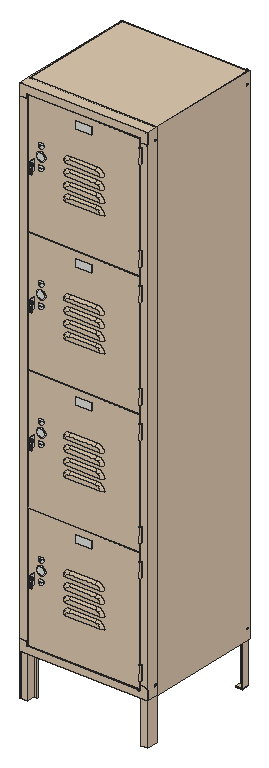
Revit family "Metal_Lockers-Salsbury_Industries-18_54000_Series-1_Wide_Units", category Specialty Equipment, Revit 2016 (continued)
Definition of nested family "Metal Locker End Panel"
  Dimensions and locks (in)
    aligned and locked: level to plane 2
    aligned and locked: plane 5 "Top of Panel" to Extrusion 1 sketch curve
    aligned and locked: plane 5 "Top of Panel" to Extrusion 2 sketch curve
    aligned and locked: Extrusion 2 to plane 9 "Back of Panel"
    aligned and locked: plane 11 to Extrusion 3 sketch curve
    aligned and locked: plane 6 "Front of Panel" to Extrusion 3
    aligned and locked: plane 14 "Outside Edge of Back Flap" to Extrusion 2
    aligned and locked: Extrusion 1 to plane 14 "Outside Edge of Back Flap"
    aligned and locked: plane 13 "Outside Edge of Front Flap" to Extrusion 3
    aligned and locked: Extrusion 2 to plane 7 "Right Side of Enclosure"
    aligned and locked: Extrusion 3 to plane 7 "Right Side of Enclosure"
  Automatic sketch dimensions
    Extrusion 1 sketch curve to level = 0.000"
    Extrusion 2 sketch curve to level = 0.000"
    plane 8 "Left Side of Enclosure" to Extrusion 2 sketch curve = 0.000"
    plane 7 "Right Side of Enclosure" to Extrusion 2 sketch curve = 0.000"
    plane 8 "Left Side of Enclosure" to Extrusion 3 sketch curve = 0.000"
    Extrusion 3 sketch curve to plane 12 = 0.000"
    plane 7 "Right Side of Enclosure" to Extrusion 3 sketch curve = 0.000"
    Extrusion 1 sketch curve to plane 14 "Outside Edge of Back Flap" = 0.000"
    plane 6 "Front of Panel" to Extrusion 1 sketch curve = 0.06014"
Definition of nested family "Metal Locker Front Filler"
  Parameters (values of type "77869 - for 6' H Lockers (Zee Base or No Legs)")
    Width = 9.000"
    Visible = yes
    Version = "1.0 (11/30/15)"
    Type Comments = "Vertical Front Filler for Standard Metal Lockers"
    Primary Structure Material = none
    Model = "77865"
    MasterFormat Title = ""
    MasterFormat Number = ""
    Manufacturer = "Salsbury Industries"
    Height = 72.000"
    Description = "9\" W Vertical Front Filler for 6' H Lockers"
    Depth = 1.500"
    Assembly Code = ""
  Types (9): name | Width | Visible | Model | Height | Description | Depth
    77865 - for 6' H Lockers with Legs | 15.000" | yes | "77865" | 78.000" | "15\" W Vertical Front Filler for 6' H Lockers" | 1.000"
    77869 - for 6' H Lockers with Legs | 9.000" | yes | "77865" | 78.000" | "9\" W Vertical Front Filler for 6' H Lockers" | 1.000"
    77855 - for 5' H Lockers with Legs | 15.000" | yes | "77855" | 66.000" | "15\" W Vertical Front Filler for 5' H Lockers" | 1.000"
    77859 - for 5' H Lockers with Legs | 9.000" | yes | "77859" | 66.000" | "9\" W Vertical Front Filler for 5' H Lockers" | 1.000"
    None | 15.000" | no | "n/a" | 78.000" | "" | 1.500"
    77865 - for 6' H Lockers (Zee Base or No Legs) | 15.000" | yes | "77865" | 72.000" | "15\" W Vertical Front Filler for 6' H Lockers" | 1.000"
    77869 - for 6' H Lockers (Zee Base or No Legs) | 9.000" | yes | "77865" | 72.000" | "9\" W Vertical Front Filler for 6' H Lockers" | 1.500"
    77859 - for 5' H Lockers (Zee Base or No Legs) | 9.000" | yes | "77859" | 60.000" | "9\" W Vertical Front Filler for 5' H Lockers" | 1.000"
    77855 - for 5' H Lockers (Zee Base or No Legs) | 15.000" | yes | "77855" | 60.000" | "15\" W Vertical Front Filler for 5' H Lockers" | 1.000"
  Reference planes (in)
    plane 1 "Center (Front/Back)": y = -2.167
    plane 2: z = 0
    plane 3 "Center (Left/Right)": x = -4.595
    plane 4 "Bottom of Filler": z = 0
    plane 5 "Top of Panel": z = 72
    plane 6 "Front of Filler": y = -2.917
    plane 7 "Right Side of Filler": x = -0.095
    plane 8 "Left Side of Filler": x = -9.095
    plane 9 "Back of Filler": y = -1.417
    plane 10: z = 36
  Forms (in)
    Extrusion 1, solid, material <- "Primary Structure Material", visible <- "Visible"
      sketch origin (0, 0, 0) x (0, -1, 0) y (1, 0, 0)
        loop
          line (1.417, -9.095) -> (2.917, -9.095) -> (2.917, -1.095) -> (2.869, -1.095) -> (2.869, -9.047) -> (1.417, -9.047) -> (1.417, -9.095)
      from 0 to 72
    Extrusion 2, solid, material <- "Primary Structure Material", visible <- "Visible"
      sketch origin (0, -0.20425, 0) x (0, -1, 0) y (1, 0, 0)
        loop
          line (1.30875, -0.095) -> (1.30875, -0.143) -> (2.76075, -0.143) -> (2.76075, -1.595) -> (2.80875, -1.595) -> (2.80875, -0.095) -> (1.30875, -0.095)
      from 0 to 72
    Extrusion 3, solid, material <- "Primary Structure Material", visible <- "Visible"
      sketch origin (0, 0.10825, 0) x (0, -1, 0) y (1, 0, 0)
        loop
          line (3.07325, -1.595) -> (3.07325, -0.82524) -> (3.02525, -0.82524) -> (3.02525, -1.376) -> (3.02525, -1.449) -> (3.02525, -1.522) -> (3.02525, -1.595) -> (3.07325, -1.595)
      from 0 to 72
    Extrusion 4, solid, material <- "Primary Structure Material", visible <- "Visible"
      sketch origin (0, 0, 0) x (0, -1, 0) y (1, 0, 0)
        loop
          line (2.917, -0.82524) -> (2.821, -0.82524) -> (2.821, -1.80024) -> (2.869, -1.80024) -> (2.869, -0.87324) -> (2.917, -0.87324) -> (2.917, -0.82524)
      from 0 to 72
  Dimensions and locks (in)
    equal spacing: plane 6 "Front of Filler", plane 1 "Center (Front/Back)", plane 9 "Back of Filler"
    "Depth": plane 6 "Front of Filler" to plane 9 "Back of Filler"
    equal spacing: plane 8 "Left Side of Filler", plane 3 "Center (Left/Right)", plane 7 "Right Side of Filler"
    "Width": plane 8 "Left Side of Filler" to plane 7 "Right Side of Filler"
    equal spacing: plane 5 "Top of Panel", plane 10, plane 2
    "Height": plane 5 "Top of Panel" to plane 2
    aligned and locked: level to plane 2
    aligned and locked: Extrusion 1 to plane 5 "Top of Panel"
    aligned and locked: Extrusion 2 to plane 5 "Top of Panel"
    aligned and locked: Extrusion 3 to plane 5 "Top of Panel"
    aligned and locked: Extrusion 4 to plane 5 "Top of Panel"
  Automatic sketch dimensions
    plane 9 "Back of Filler" to Extrusion 1 sketch curve = 0.000"
    plane 6 "Front of Filler" to Extrusion 1 sketch curve = 0.000"
    Extrusion 1 sketch curve to plane 8 "Left Side of Filler" = 0.000"
    Extrusion 1 sketch curve to plane 6 "Front of Filler" = 0.048"
    Extrusion 1 sketch curve to Extrusion 1 sketch curve = 0.048"
    plane 7 "Right Side of Filler" to Extrusion 1 sketch curve = 1.000"
    Extrusion 2 sketch curve to plane 7 "Right Side of Filler" = 0.000"
    plane 7 "Right Side of Filler" to Extrusion 2 sketch curve = 0.048"
    plane 9 "Back of Filler" to Extrusion 2 sketch curve = 0.096"
    plane 6 "Front of Filler" to Extrusion 2 sketch curve = 0.048"
    Extrusion 2 sketch curve to Extrusion 2 sketch curve = 0.048"
    Extrusion 2 sketch curve to Extrusion 2 sketch curve = 1.452"
    plane 6 "Front of Filler" to Extrusion 3 sketch curve = 0.000"
    plane 7 "Right Side of Filler" to Extrusion 3 sketch curve = 1.500"
    Extrusion 3 sketch curve to Extrusion 3 sketch curve = 0.073"  (x3)
    Extrusion 3 sketch curve to Extrusion 3 sketch curve = 0.55076"
    Extrusion 3 sketch curve to Extrusion 3 sketch curve = 0.048"
    plane 6 "Front of Filler" to Extrusion 4 sketch curve = 0.000"
    Extrusion 4 sketch curve to plane 6 "Front of Filler" = 0.048"
    Extrusion 4 sketch curve to Extrusion 4 sketch curve = 0.048"  (x2)
    plane 7 "Right Side of Filler" to Extrusion 4 sketch curve = 1.70524"
    plane 7 "Right Side of Filler" to Extrusion 4 sketch curve = 0.77824"
Definition of nested family "Metal Locker Flat Top Filler"
  Parameters (values of type "77841 - for 21" Deep Lockers (9" W)")
    Width = 10.250"
    Visible = yes
    Version = "1.0 (11/30/15)"
    Type Comments = "Flat Top Filler for Standard Metal Lockers"
    Primary Structure Material = none
    Model = "77841"
    MasterFormat Title = ""
    MasterFormat Number = ""
    Manufacturer = "Salsbury Industries"
    Height = 1.003"
    Description = "9\"W Flat Top In-Line Filler"
    Depth = 21.118"
    Assembly Code = ""
  Types (9): name | Width | Visible | Model | Description | Depth
    77842 - for 12" Deep Lockers (15" W) | 16.250" | yes | "77842" | "15\"W Flat Top In-Line Filler" | 12.118"
    77842 - for 12" Deep Lockers (9" W) | 10.250" | yes | "77842" | "15\"W Flat Top In-Line Filler" | 12.118"
    77845 - for 15" Deep Lockers (15" W) | 16.250" | yes | "77845" | "15\"W Flat Top In-Line Filler" | 15.118"
    77845 - for 15" Deep Lockers (9" W) | 10.250" | yes | "77845" | "15\"W Flat Top In-Line Filler" | 15.118"
    77848 - for 18" Deep Lockers (15" W) | 16.250" | yes | "77848" | "15\"W Flat Top In-Line Filler" | 18.118"
    77848 - for 18" Deep Lockers (9" W) | 10.250" | yes | "77848" | "15\"W Flat Top In-Line Filler" | 18.118"
    None | 16.250" | no | "" | "15\"W Flat Top In-Line Filler" | 12.118"
    77841 - for 21" Deep Lockers (15" W) | 16.250" | yes | "77841" | "15\"W Flat Top In-Line Filler" | 21.118"
    77841 - for 21" Deep Lockers (9" W) | 10.250" | yes | "77841" | "9\"W Flat Top In-Line Filler" | 21.118"
  Reference planes (in)
    plane 1 "Center (Front/Back)": y = -2.167
    plane 2: z = 0
    plane 3 "Center (Left/Right)": x = -4.595
    plane 4 "Bottom of Panel": z = 0
    plane 5 "Top of Panel": z = 1.003
    plane 6 "Front of Panel": y = -12.726
    plane 7 "Right Side of Enclosure": x = 0.53
    plane 8 "Left Side of Enclosure": x = -9.72
    plane 9 "Back of Panel": y = 8.392
    plane 10: z = 0.5015
  Forms (in)
    Extrusion 1, solid, material <- "Primary Structure Material", visible <- "Visible"
      sketch origin (-4.595, 0, 0) x (0, 1, 0) y (0, 0, 1)
        loop
          line (-12.726, 0) -> (-12.678, 0) -> (-12.678, 0.955) -> (8.392, 0.955) -> (8.392, 1.003) -> (-12.726, 1.003) -> (-12.726, 0)
      from -5.125 to 5.125
  Dimensions and locks (in)
    equal spacing: plane 6 "Front of Panel", plane 1 "Center (Front/Back)", plane 9 "Back of Panel"
    "Depth": plane 6 "Front of Panel" to plane 9 "Back of Panel"
    equal spacing: plane 8 "Left Side of Enclosure", plane 3 "Center (Left/Right)", plane 7 "Right Side of Enclosure"
    "Width": plane 8 "Left Side of Enclosure" to plane 7 "Right Side of Enclosure"
    equal spacing: plane 5 "Top of Panel", plane 10, plane 2
    "Height": plane 5 "Top of Panel" to plane 2
    aligned and locked: level to plane 2
    aligned and locked: Extrusion 1 to plane 7 "Right Side of Enclosure"
    aligned and locked: plane 8 "Left Side of Enclosure" to Extrusion 1
    aligned and locked: plane 6 "Front of Panel" to Extrusion 1
    aligned and locked: Extrusion 1 to plane 9 "Back of Panel"
  Automatic sketch dimensions
    plane 5 "Top of Panel" to Extrusion 1 sketch curve = 0.000"
    Extrusion 1 sketch curve to plane 6 "Front of Panel" = 0.000"
    Extrusion 1 sketch curve to level = 0.000"
    Extrusion 1 sketch curve to plane 9 "Back of Panel" = 0.000"
    Extrusion 1 sketch curve to plane 6 "Front of Panel" = 0.048"
    plane 5 "Top of Panel" to Extrusion 1 sketch curve = 0.048"
Definition of nested family "Metal Locker Flat Corner Filler"
  Parameters (values of type "77831 - for 21" Deep Lockers")
    Width = 21.625"
    Visible = yes
    Version = "1.0 (11/30/15)"
    Type Comments = "Flat Top Corner Filler for Standard Metal Lockers"
    Primary Structure Material = none
    Model = "77831"
    MasterFormat Title = ""
    MasterFormat Number = ""
    Manufacturer = "Salsbury Industries"
    Height = 0.048"
    Description = "21\"W Flat Top Corner Filler"
    Depth = 21.625"
    Assembly Code = ""
  Types (5): name | Width | Visible | Model | Description | Depth
    77832 - for 12" Deep Lockers | 12.625" | yes | "77832" | "12\"W Flat Top Corner Filler" | 12.625"
    77835 - for 15" Deep Lockers | 15.625" | yes | "77835" | "15\"W Flat Top Corner Filler" | 15.625"
    77838 - for 18" Deep Lockers | 18.625" | yes | "77838" | "18\"W Flat Top Corner Filler" | 18.625"
    None | 12.625" | no | "" | "" | 12.625"
    77831 - for 21" Deep Lockers | 21.625" | yes | "77831" | "21\"W Flat Top Corner Filler" | 21.625"
  Reference planes (in)
    plane 1 "Center (Front/Back)": y = -2.167
    plane 2: z = 0
    plane 3 "Center (Left/Right)": x = -4.595
    plane 4 "Bottom of Panel": z = 0
    plane 5 "Top of Panel": z = 0.048
    plane 6 "Front of Panel": y = -12.9795
    plane 7 "Right Side of Enclosure": x = 6.2175
    plane 8 "Left Side of Enclosure": x = -15.4075
    plane 9 "Back of Panel": y = 8.6455
    plane 10: z = 0.024
  Forms (in)
    Extrusion 1, solid, material <- "Primary Structure Material", visible <- "Visible"
      sketch origin (0, 0, 0) x (0, -1, 0) y (1, 0, 0)
        loop
          line (12.3545, -15.4075) -> (12.3545, -14.7825) -> (12.9795, -14.7825) -> (12.9795, 6.2175) -> (-8.6455, 6.2175) -> (-8.6455, -15.4075) -> (12.3545, -15.4075)
      from 0 to 0.048
  Dimensions and locks (in)
    equal spacing: plane 6 "Front of Panel", plane 1 "Center (Front/Back)", plane 9 "Back of Panel"
    "Depth": plane 6 "Front of Panel" to plane 9 "Back of Panel"
    equal spacing: plane 8 "Left Side of Enclosure", plane 3 "Center (Left/Right)", plane 7 "Right Side of Enclosure"
    "Width": plane 8 "Left Side of Enclosure" to plane 7 "Right Side of Enclosure"
    equal spacing: plane 5 "Top of Panel", plane 10, plane 2
    "Height": plane 5 "Top of Panel" to plane 2
    aligned and locked: level to plane 2
    aligned and locked: Extrusion 1 to plane 9 "Back of Panel"
    aligned and locked: plane 6 "Front of Panel" to Extrusion 1
    aligned and locked: Extrusion 1 to plane 7 "Right Side of Enclosure"
    aligned and locked: plane 8 "Left Side of Enclosure" to Extrusion 1
  Automatic sketch dimensions
    Extrusion 1 sketch curve to plane 8 "Left Side of Enclosure" = 0.000"
    plane 9 "Back of Panel" to Extrusion 1 sketch curve = 0.000"
    plane 6 "Front of Panel" to Extrusion 1 sketch curve = 0.000"
    Extrusion 1 sketch curve to plane 7 "Right Side of Enclosure" = 0.000"
    Extrusion 1 sketch curve to plane 8 "Left Side of Enclosure" = 0.625"
    Extrusion 1 sketch curve to plane 6 "Front of Panel" = 0.625"
Definition of nested family "Metal Locker Sloping Hood"
  Parameters (values of type "77798 - for 18" Deep Lockers (1 Wide)")
    Width = 18.040"
    Visible = yes
    Version = "1.0 (11/30/15)"
    Type Comments = "Sloping Hood for Standard Metal Lockers"
    Slope Angle = 30.723°
    Primary Structure Material = none
    Model = "77798"
    MasterFormat Title = ""
    MasterFormat Number = ""
    Manufacturer = "Salsbury Industries"
    Height = 10.739"
    Dividing Lines = no
    Description = "18\" Deep for up to (3) 18\" Wide Lockers"
    Depth = 18.070"
    Assembly Code = ""
  Types (16): name | Width | Visible | Slope Angle | Model | Height | Dividing Lines | Description | Depth
    77752 - for 12" Deep Lockers (1 Wide) | 12.040" | yes | 28.761° | "77752" | 6.625" | no | "12\" Deep for up to (3) 12\" Wide Lockers" | 12.070"
    77752 - for 12" Deep Lockers (3 Wide) | 36.040" | yes | 28.761° | "77752" | 6.625" | yes | "12\" Deep for up to (3) 12\" Wide Lockers" | 12.070"
    77755 - for 15" Deep Lockers (1 Wide) | 12.040" | yes | 29.946° | "77755" | 8.682" | no | "15\" Deep for up to (3) 12\" Wide Lockers" | 15.070"
    77755 - for 15" Deep Lockers (3 Wide) | 36.040" | yes | 29.946° | "77755" | 8.628" | yes | "15\" Deep for up to (3) 12\" Wide Lockers" | 15.070"
    77758 - for 18" Deep Lockers (1 Wide) | 12.040" | yes | 30.723° | "77758" | 10.739" | no | "18\" Deep for up to (3) 12\" Wide Lockers" | 18.070"
    77758 - for 18" Deep Lockers (3 Wide) | 36.040" | yes | 30.723° | "77758" | 10.739" | yes | "18\" Deep for up to (3) 12\" Wide Lockers" | 18.070"
    None | 12.000" | no | 28.761° | "" | 6.625" | no | "" | 12.070"
    77765 - for 15" Deep Lockers (1 Wide) | 15.040" | yes | 29.946° | "77752" | 8.682" | no | "12\" Deep for up to (3) 12\" Wide Lockers" | 15.070"
    77768 - for 18" Deep Lockers (1 Wide) | 15.040" | yes | 30.723° | "77752" | 10.739" | no | "12\" Deep for up to (3) 12\" Wide Lockers" | 18.070"
    77765 - for 15" Deep Lockers (3 Wide) | 45.040" | yes | 29.946° | "77752" | 8.682" | yes | "12\" Deep for up to (3) 12\" Wide Lockers" | 15.070"
    77768 - for 18" Deep Lockers (3 Wide) | 45.040" | yes | 30.723° | "77752" | 10.739" | yes | "12\" Deep for up to (3) 12\" Wide Lockers" | 18.070"
    77759 - for 18" Deep Bridge Lockers | 72.040" | yes | 30.723° | "77752" | 6.625" | no | "12\" Deep for up to (3) 12\" Wide Lockers" | 18.070"
    77798 - for 18" Deep Lockers (1 Wide) | 18.040" | yes | 30.723° | "77798" | 10.739" | no | "18\" Deep for up to (3) 18\" Wide Lockers" | 18.070"
    77798 - for 18" Deep Lockers (3 Wide) | 54.040" | yes | 30.723° | "77798" | 10.739" | no | "18\" Deep for up to (3) 18\" Wide Lockers" | 18.070"
    77791 - for 21" Deep Lockers (1 Wide) | 18.040" | yes | 31.315° | "77791" | 12.796" | no | "21\" Deep for up to (3) 18\" Wide Lockers" | 21.070"
    77791 - for 21" Deep Lockers (3 Wide) | 54.040" | yes | 31.315° | "77791" | 12.796" | no | "21\" Deep for up to (3) 18\" Wide Lockers" | 21.070"
  Reference planes (in)
    plane 1 "Center (Front/Back)": y = -2.167
    plane 2: z = 0
    plane 3 "Center (Left/Right)": x = -4.595
    plane 4 "Bottom of Panel": z = 0
    plane 5 "Top of Panel": z = 10.739
    plane 6 "Front of Panel": y = -11.202
    plane 7 "Right Side of Enclosure": x = 4.425
    plane 8 "Left Side of Enclosure": x = -13.615
    plane 9 "Back of Panel": y = 6.868
    plane 10: z = 5.3695
    plane 11: through (0, -8.17981, 1.79608) normal (0, -0.5109, 0.8596)
    plane 12: through (0, -8.30408, 1.68617) normal (0, -0.5109, 0.8596)
    plane 13: y = 6.837
    plane 14: y = 6.806
    plane 15: y = 6.775
    plane 16: y = 6.37433
    plane 17 "Divider 1": x = -7.60167
    plane 18 "Divider 2": x = -1.58833
    plane 19: z = 10.68693
  Forms (in)
    Extrusion 1, solid, material <- "Primary Structure Material", visible <- "Visible"
      sketch origin (4.425, 0, 0) x (0, 0, -1) y (0, -1, 0)
        loop
          line (-10.73899, -6.868) -> (0, -6.868) -> (0, 11.202) -> (-10.73899, -6.868)
      from 0 to 0.031
    Extrusion 2, solid, material <- "Primary Structure Material", visible <- "Visible"
      sketch origin (4.425, 0, 0) x (0, 0, -1) y (0, -1, 0)
        loop
          line (0, -6.868) -> (0, -6.837) -> (-10.72057, -6.837) -> (-10.73899, -6.868) -> (0, -6.868)
      from 0.03098 to 0.40598
    Extrusion 3, solid, material <- "Primary Structure Material", visible <- "Visible"
      sketch origin (4.425, 0, 0) x (0, 0, -1) y (0, -1, 0)
        loop
          line (0, -6.837) -> (0, 11.14132) -> (-0.031, 11.08916) -> (-0.031, -6.837) -> (0, -6.837)
      from 0.031 to 0.80198
    Extrusion 4, solid, material <- "Primary Structure Material", visible <- "Visible"
      sketch origin (-13.615, 0, 0) x (0, 0, -1) y (0, -1, 0)
        loop
          line (-10.73899, -6.868) -> (0, -6.868) -> (0, 11.202) -> (-10.73899, -6.868)
      from 0 to -0.031
    Extrusion 5, solid, material <- "Primary Structure Material", visible <- "Visible"
      sketch origin (-13.615, 0, 0) x (0, 0, -1) y (0, -1, 0)
        loop
          line (0, -6.868) -> (0, -6.837) -> (-10.72057, -6.837) -> (-10.73899, -6.868) -> (0, -6.868)
      from -0.031 to -0.406
    Extrusion 6, solid, material <- "Primary Structure Material", visible <- "Visible"
      sketch origin (-13.615, 0, 0) x (0, 0, -1) y (0, -1, 0)
        loop
          line (0, -6.837) -> (0, 11.14132) -> (-0.031, 11.08916) -> (-0.031, -6.837) -> (0, -6.837)
      from -0.031 to -0.802
    Extrusion 7, solid, material <- "Primary Structure Material", visible <- "Visible"
      sketch origin (-4.595, 0, 0) x (0, 1, 0) y (0, 0, 1)
        loop
          line (6.837, 10.72057) -> (-11.202, 0) -> (-10.85045, 0) -> (-10.85045, 0.031) -> (-11.08916, 0.031) -> (6.806, 10.66609) -> (6.806, 10.32873) -> (6.837, 10.32873) -> (6.837, 10.72057)
      from -8.989 to 8.989
    Extrusion 8, solid, material <- "Primary Structure Material", visible <- "Visible"
      sketch origin (-4.595, -0.031, -2.00531) x (0, 1, 0) y (0, 0, 1)
        loop
          line (6.837, 2.00531) -> (6.837, 12.6714) -> (6.806, 12.65298) -> (6.806, 2.00531) -> (6.837, 2.00531)
      from -8.989 to 8.989
    Extrusion 9, solid, material <- "Primary Structure Material", visible <- "Visible"
      sketch origin (0, -0.031, 0) x (0, -1, 0) y (1, 0, 0)
        loop
          line (-6.806, -12.75653) -> (-6.40533, -12.75653) -> (-6.40533, 3.56919) -> (-6.806, 3.56919) -> (-6.806, -12.75653)
      from 0.031 to 0.06464
  Lines and regions (in)
    model lines, visible <- "Dividing Lines"
      curve 1: line (-7.60167, -11.2136, -0.0069) -> (-7.60167, 6.868, 10.73899)
      curve 2: line (-1.58833, -11.2136, -0.0069) -> (-1.58833, 6.868, 10.73899)
  Dimensions and locks (in)
    equal spacing: plane 6 "Front of Panel", plane 1 "Center (Front/Back)", plane 9 "Back of Panel"
    "Depth": plane 6 "Front of Panel" to plane 9 "Back of Panel"
    equal spacing: plane 8 "Left Side of Enclosure", plane 17 "Divider 1", plane 18 "Divider 2", plane 7 "Right Side of Enclosure"
    "Width": plane 8 "Left Side of Enclosure" to plane 7 "Right Side of Enclosure"
    equal spacing: plane 5 "Top of Panel", plane 10, plane 2
    "Height": plane 5 "Top of Panel" to plane 2
    locked: plane 11 to plane 12 at 0.031
    plane 16 to plane 15 to plane 14 to plane 13 to plane 9 "Back of Panel" = 0.40067", 0.031", 0.031", 0.031"
    equal spacing: plane 8 "Left Side of Enclosure", plane 3 "Center (Left/Right)", plane 7 "Right Side of Enclosure"
    locked: plane 19 to plane 5 "Top of Panel" at 0.05207
    "Slope Angle": angle plane 4 "Bottom of Panel" to plane 11
    aligned and locked: level to plane 2
    aligned and locked: Extrusion 1 to plane 9 "Back of Panel"
    aligned and locked: plane 4 "Bottom of Panel" to Extrusion 1
    aligned and locked: Extrusion 7 to Extrusion 1
    aligned and locked: Extrusion 7 to Extrusion 4
    aligned and locked: Extrusion 7 to Extrusion 8  (x2)
    aligned and locked: plane 11 to Extrusion 7 sketch curve
    aligned and locked: plane 12 to Extrusion 7 sketch curve
    aligned and locked: Extrusion 4 sketch curve to plane 11
    aligned and locked: Extrusion 1 sketch curve to plane 11
    aligned and locked: Extrusion 3 sketch curve to plane 12
    aligned and locked: Extrusion 6 sketch curve to plane 12
    aligned and locked: plane 13 to Extrusion 7
    aligned and locked: plane 16 to Extrusion 9
    aligned and locked: plane 13 to Extrusion 7 sketch curve
    aligned and locked: Extrusion 7 sketch curve to plane 14
    aligned and locked: plane 13 to Extrusion 2 sketch curve
    aligned and locked: plane 11 to Extrusion 2 sketch curve
    aligned and locked: plane 13 to Extrusion 5 sketch curve
    aligned and locked: plane 11 to Extrusion 5 sketch curve
    aligned and locked: curve 2 to plane 18 "Divider 2"
    aligned and locked: curve 1 to plane 17 "Divider 1"
    aligned and locked: plane 4 "Bottom of Panel" to Extrusion 8
  Automatic sketch dimensions
    Extrusion 7 sketch curve to level = 0.000"
    level to Extrusion 7 sketch curve = 0.031"
    Extrusion 7 sketch curve to Extrusion 7 sketch curve = 0.23871"
    Extrusion 7 sketch curve to Extrusion 7 sketch curve = 0.33736"
    Extrusion 1 sketch curve to plane 9 "Back of Panel" = 0.000"
    Extrusion 1 sketch curve to level = 0.000"
    Extrusion 2 sketch curve to plane 9 "Back of Panel" = 0.000"
    Extrusion 2 sketch curve to level = 0.000"
    Extrusion 3 sketch curve to plane 13 = 0.000"
    Extrusion 3 sketch curve to level = 0.000"
    level to Extrusion 3 sketch curve = 0.031"
    Extrusion 4 sketch curve to plane 9 "Back of Panel" = 0.000"
    Extrusion 4 sketch curve to level = 0.000"
    Extrusion 5 sketch curve to plane 9 "Back of Panel" = 0.000"
    Extrusion 5 sketch curve to level = 0.000"
    Extrusion 6 sketch curve to plane 13 = 0.000"
    Extrusion 6 sketch curve to level = 0.000"
    Extrusion 6 sketch curve to Extrusion 6 sketch curve = 0.031"
    plane 15 to Extrusion 9 sketch curve = 0.000"
    plane 16 to Extrusion 9 sketch curve = 0.000"
    Extrusion 9 sketch curve to plane 8 "Left Side of Enclosure" = 0.85847"
    plane 7 "Right Side of Enclosure" to Extrusion 9 sketch curve = 0.85581"
    curve 1 to plane 9 "Back of Panel" = 0.000"
    plane 11 to curve 1 = 0.000"
    curve 1 to plane 11 = 0.000"
    curve 1 to level = 0.0069"
    curve 2 to plane 9 "Back of Panel" = 0.000"
    plane 11 to curve 2 = 0.000"
    curve 2 to plane 11 = 0.000"
    curve 2 to level = 0.0069"
    Extrusion 8 sketch curve to level = 0.000"
    Extrusion 8 sketch curve to plane 15 = 0.000"
    plane 12 to Extrusion 8 sketch curve = 0.000"  (x2)
    Extrusion 8 sketch curve to plane 14 = 0.000"
Definition of nested family "Metal Locker Sloping Top Filler"
  Parameters (values of type "77881 - for 21" Deep Lockers (15" W)")
    Width = 16.250"
    Visible = yes
    Version = "1.0 (11/30/15)"
    Type Comments = "Sloping Hood In-Line Filler for Standard Metal Lockers"
    Slope Angle = 31.315°
    Primary Structure Material = none
    Model = "77881"
    MasterFormat Title = ""
    MasterFormat Number = ""
    Manufacturer = "Salsbury Industries"
    Height = 1.003"
    Description = "15\"W Sloping Hood In-Line Filler"
    Depth = 21.118"
    Assembly Code = ""
  Types (9): name | Width | Visible | Type Comments | Slope Angle | Model | Description | Depth
    77882 - for 12" Deep Lockers (15" W) | 16.250" | yes | "Sloping Hood In-Line Filler for Standard Metal Lockers" | 28.761° | "77882" | "15\"W Sloping Hood In-Line Filler" | 12.118"
    77882 - for 12" Deep Lockers (9" W) | 10.250" | yes | "Sloping Hood In-Line Filler for Standard Metal Lockers" | 28.761° | "77882" | "15\"W Sloping Hood In-Line Filler" | 12.118"
    77885 - for 15" Deep Lockers (15" W) | 16.250" | yes | "Sloping Hood In-Line Filler for Standard Metal Lockers" | 29.946° | "77885" | "15\"W Sloping Hood In-Line Filler" | 15.118"
    77885 - for 15" Deep Lockers (9" W) | 10.250" | yes | "Sloping Hood In-Line Filler for Standard Metal Lockers" | 29.946° | "77885" | "15\"W Sloping Hood In-Line Filler" | 15.118"
    77888 - for 18" Deep Lockers (15" W) | 16.250" | yes | "Sloping Hood In-Line Filler for Standard Metal Lockers" | 30.723° | "77888" | "15\"W Sloping Hood In-Line Filler" | 18.118"
    77888 - for 18" Deep Lockers (9" W) | 10.250" | yes | "Sloping Hood In-Line Filler for Standard Metal Lockers" | 30.723° | "77888" | "15\"W Sloping Hood In-Line Filler" | 18.118"
    None | 16.250" | no | "Sloping Hood for Standard Metal Lockers" | 28.761° | "" | "" | 12.118"
    77881 - for 21" Deep Lockers (15" W) | 16.250" | yes | "Sloping Hood In-Line Filler for Standard Metal Lockers" | 31.315° | "77881" | "15\"W Sloping Hood In-Line Filler" | 21.118"
    77881 - for 21" Deep Lockers (9" W) | 10.250" | yes | "Sloping Hood In-Line Filler for Standard Metal Lockers" | 31.315° | "77881" | "15\"W Sloping Hood In-Line Filler" | 21.118"
  Reference planes (in)
    plane 1 "Center (Front/Back)": y = -2.167
    plane 2: z = 0
    plane 3 "Center (Left/Right)": x = -4.595
    plane 4 "Bottom of Panel": z = 0
    plane 5 "Top of Panel": z = 1.003
    plane 6 "Front of Panel": y = -12.726
    plane 7 "Right Side of Enclosure": x = 3.53
    plane 8 "Left Side of Enclosure": x = -12.72
    plane 9 "Back of Panel": y = 8.392
    plane 10: z = 0.5015
    plane 11: through (0, -8.76771, 2.4081) normal (0, -0.5197, 0.8543)
    plane 12: through (0, -8.882, 2.28238) normal (0, -0.5197, 0.8543)
  Forms (in)
    Extrusion 1, solid, material <- "Primary Structure Material", visible <- "Visible"
      sketch origin (-4.595, 0, 0) x (0, 1, 0) y (0, 0, 1)
        loop
          line (8.392, 12.84752) -> (-12.726, 0) -> (-12.726, -1.028) -> (-12.68034, -1.028) -> (-12.68034, -0.02841) -> (8.392, 12.79133) -> (8.392, 12.84752)
      from -8.125 to 8.125
  Dimensions and locks (in)
    equal spacing: plane 6 "Front of Panel", plane 1 "Center (Front/Back)", plane 9 "Back of Panel"
    "Depth": plane 6 "Front of Panel" to plane 9 "Back of Panel"
    equal spacing: plane 8 "Left Side of Enclosure", plane 3 "Center (Left/Right)", plane 7 "Right Side of Enclosure"
    "Width": plane 8 "Left Side of Enclosure" to plane 7 "Right Side of Enclosure"
    equal spacing: plane 5 "Top of Panel", plane 10, plane 2
    "Height": plane 5 "Top of Panel" to plane 2
    locked: plane 11 to plane 12 at 0.048
    "Slope Angle": angle plane 4 "Bottom of Panel" to plane 11
    aligned and locked: level to plane 2
    aligned and locked: Extrusion 1 sketch curve to plane 11
    aligned and locked: Extrusion 1 sketch curve to plane 12
    aligned and locked: Extrusion 1 to plane 7 "Right Side of Enclosure"
    aligned and locked: plane 8 "Left Side of Enclosure" to Extrusion 1
  Automatic sketch dimensions
    Extrusion 1 sketch curve to plane 6 "Front of Panel" = 0.000"
    Extrusion 1 sketch curve to Extrusion 1 sketch curve = 0.99959"
    Extrusion 1 sketch curve to level = 0.02841"
    Extrusion 1 sketch curve to plane 9 "Back of Panel" = 0.000"
Definition of nested family "Metal Locker Sloping Corner Filler"
  Parameters (values of type "77871 - for 21" Deep Lockers")
    Width = 21.695"
    Visible = yes
    Version = "1.0 (11/30/15)"
    Type Comments = "Sloping Hood Corner Filler for Standard Metal Lockers"
    Slope Angle 2 = 31.315°
    Slope Angle 1 = 31.315°
    Primary Structure Material = none
    Model = "77871"
    MasterFormat Title = ""
    MasterFormat Number = ""
    Manufacturer = "Salsbury Industries"
    Height = 6.87897"
    Description = "21\"D Sloping Hood Corner Filler"
    Depth = 21.695"
    Assembly Code = ""
  Types (5): name | Width | Visible | Slope Angle 2 | Slope Angle 1 | Model | Description | Depth
    77872 - for 12" Deep Lockers | 12.695" | yes | 28.761° | 28.761° | "77872" | "12\"D Sloping Hood Corner Filler" | 12.695"
    77875 - for 15" Deep Lockers | 15.695" | yes | 29.946° | 29.946° | "77875" | "15\"D Sloping Hood Corner Filler" | 15.695"
    77878 - for 18" Deep Lockers | 18.695" | yes | 30.723° | 30.723° | "77878" | "18\"D Sloping Hood Corner Filler" | 18.695"
    None | 12.695" | no | 28.723° | 28.723° | "" | "" | 12.695"
    77871 - for 21" Deep Lockers | 21.695" | yes | 31.315° | 31.315° | "77871" | "21\"D Sloping Hood Corner Filler" | 21.695"
  Reference planes (in)
    plane 1 "Center (Front/Back)": y = -2.167
    plane 2: z = 0
    plane 3 "Center (Left/Right)": x = -4.595
    plane 4 "Bottom of Panel": z = 0
    plane 5 "Top of Panel": z = 6.87897
    plane 6 "Front of Panel": y = -13.0145
    plane 7 "Right Side of Enclosure": x = 6.2525
    plane 8 "Left Side of Enclosure": x = -15.4425
    plane 9 "Back of Panel": y = 8.6805
    plane 10 "Center Top/Bottom": z = 3.43948
    plane 11 "Slope 1": through (0, -8.44584, 2.77943) normal (0, -0.5197, 0.8543)
    plane 12: through (0, -8.56013, 2.65371) normal (0, -0.5197, 0.8543)
    plane 13 "Diagonal Plane": through (-10.86131, 4.09969, 48) normal (0.7071, 0.7071, 0)
    plane 14 "Cutout Plane 1": y = -12.3895
    plane 15 "Cutout Plane 2": x = 5.6275
    plane 16 "Slope 2": through (2.44229, -180, 2.31801) normal (-0.5197, 0, -0.8543)
    plane 17: through (5.95459, -180, 0.12527) normal (-0.5197, 0, -0.8543)
  Forms (in)
    Extrusion 1, solid, material <- "Primary Structure Material", visible <- "Visible"
      sketch origin (-4.595, 0, 0) x (0, 1, 0) y (0, 0, 1)
        loop
          line (-12.3895, 0.32405) -> (8.6805, 13.14236) -> (8.6805, 13.19855) -> (-12.3895, 0.38023) -> (-12.3895, 0.32405)
      from -10.8475 to 10.8475
    Extrusion 2, void
      sketch origin (0, 0, 3.43948) x (1, 0, 0) y (0, 1, 0)
        loop
          line (6.25288, -13.0145) -> (-15.4425, 8.68088) -> (-15.4425, -13.0145) -> (6.25288, -13.0145)
      from -3.43948 to 9.70288
    Extrusion 3, solid, material <- "Primary Structure Material", visible <- "Visible"
      sketch origin (0, -2.167, 0) x (1, 0, 0) y (0, 0, 1)
        loop
          line (5.6275, 0.32426) -> (5.6275, 0.38023) -> (-15.4425, 13.19855) -> (-15.4425, 13.14258) -> (5.6275, 0.32426)
      from -10.8475 to 10.8475
    Extrusion 4, void
      sketch origin (-4.595, 0, 0) x (0, 1, 0) y (0, 0, 1)
        loop
          line (8.6805, 0) -> (8.6805, 13.14236) -> (-12.92215, 0) -> (8.6805, 0)
      from -10.8475 to 10.8475
    Extrusion 5, solid, not visible
      sketch origin (5.6275, 0, 0) x (0, -1, 0) y (0, 0, 1)
        loop
          line (13.10982, 0.2885) -> (12.3895, 0.2885) -> (12.3895, 0) -> (13.10982, 0) -> (13.10982, 0.2885)
      from -0.72026 to 0
  Cuts and joins
    Extrusion 2, Extrusion 4 cuts Extrusion 1
    Extrusion 4 cuts Extrusion 3
  Dimensions and locks (in)
    equal spacing: plane 6 "Front of Panel", plane 1 "Center (Front/Back)", plane 9 "Back of Panel"
    "Depth": plane 6 "Front of Panel" to plane 9 "Back of Panel"
    equal spacing: plane 8 "Left Side of Enclosure", plane 3 "Center (Left/Right)", plane 7 "Right Side of Enclosure"
    "Width": plane 8 "Left Side of Enclosure" to plane 7 "Right Side of Enclosure"
    equal spacing: plane 5 "Top of Panel", plane 10 "Center Top/Bottom", plane 2
    "Height": plane 5 "Top of Panel" to plane 2
    locked: plane 11 "Slope 1" to plane 12 at 0.048
    locked: plane 15 "Cutout Plane 2" to plane 7 "Right Side of Enclosure" at 0.625
    locked: plane 6 "Front of Panel" to plane 14 "Cutout Plane 1" at 0.625
    locked: plane 17 to plane 16 "Slope 2" at 0.04782
    "Slope Angle 1": angle plane 4 "Bottom of Panel" to plane 11 "Slope 1"
    "Slope Angle 2": angle plane 16 "Slope 2" to plane 4 "Bottom of Panel"
    aligned and locked: level to plane 2
    aligned and locked: Extrusion 1 sketch curve to plane 14 "Cutout Plane 1"
    aligned and locked: Extrusion 1 sketch curve to plane 9 "Back of Panel"
    aligned and locked: Extrusion 1 sketch curve to plane 11 "Slope 1"
    aligned and locked: Extrusion 1 sketch curve to plane 12
    aligned and locked: plane 8 "Left Side of Enclosure" to Extrusion 1
    aligned and locked: Extrusion 1 to plane 7 "Right Side of Enclosure"
    aligned and locked: plane 6 "Front of Panel" to Extrusion 2 sketch curve
    aligned and locked: plane 8 "Left Side of Enclosure" to Extrusion 2 sketch curve
    aligned and locked: plane 13 "Diagonal Plane" to Extrusion 2 sketch curve
    aligned and locked: cut or joined group of Extrusion 1, Extrusion 2, Extrusion 4 to plane 4 "Bottom of Panel"
    aligned and locked: Extrusion 4 sketch curve to level
    aligned and locked: Extrusion 4 sketch curve to plane 9 "Back of Panel"
    aligned and locked: Extrusion 4 sketch curve to plane 12
    aligned and locked: Extrusion 4 to plane 7 "Right Side of Enclosure"
    aligned and locked: plane 8 "Left Side of Enclosure" to Extrusion 4
    aligned and locked: cut or joined group of Extrusion 3, Extrusion 4 to plane 15 "Cutout Plane 2"
    aligned and locked: plane 6 "Front of Panel" to cut or joined group of Extrusion 3, Extrusion 4
    aligned and locked: cut or joined group of Extrusion 3, Extrusion 4 to plane 9 "Back of Panel"
    aligned and locked: Extrusion 3 sketch curve to plane 15 "Cutout Plane 2"
    aligned and locked: Extrusion 3 sketch curve to plane 16 "Slope 2"
    aligned and locked: plane 8 "Left Side of Enclosure" to Extrusion 3 sketch curve
    aligned and locked: Extrusion 3 sketch curve to plane 17
  Automatic sketch dimensions
    Extrusion 5 sketch curve to plane 14 "Cutout Plane 1" = 0.000"
    Extrusion 5 sketch curve to level = 0.000"
    plane 6 "Front of Panel" to Extrusion 5 sketch curve = 0.09532"
    Extrusion 5 sketch curve to Extrusion 5 sketch curve = 0.2885"
Types (7): name | Zee Base | Unit Height including Sloping Hood Only | Type Comments | Sloping Hood Height | Sloping Corner Filler Offset | Primary Structure Material | Unit Height including Base Only | Overall Unit Height (including Base and Sloping Hood) | Model | Description | Depth | Base Height | Standard Leg Base
  (no name) | Metal Locker Zee Base : None | 82.739" | "18\" Wide Standard Metal Locker - Four Tier" | 10.739" | 77.680" | Paint - Salsbury Finish - Tan | 78.000" | 88.739" | "18-54168" | "1 Wide - 6 Feet High - 18 Inches Deep" | 18.010" | 6.000" | Metal Locker Legs : 6" High - 18"W x 18"D
  18-54161 - with Standard 6" High Legs | Metal Locker Zee Base : None | 84.796" | "18\" Wide Standard Metal Locker - Four Tier" | 12.796" | 77.680" | Steel - Salsbury Finish = Tan | 78.000" | 90.796" | "18-54161" | "1 Wide - 6 Feet High - 21 Inches Deep" | 21.010" | 6.000" | Metal Locker Legs : 6" High - 18"W x 21"D
  18-54168 - with Standard 6" High Legs | Metal Locker Zee Base : None | 82.739" | "18\" Wide Standard Metal Locker - Four Tier" | 10.739" | 77.680" | Paint - Salsbury Finish - Tan | 78.000" | 88.739" | "18-54168" | "1 Wide - 6 Feet High - 18 Inches Deep" | 18.010" | 6.000" | Metal Locker Legs : 6" High - 18"W x 18"D
  18-54161 - with 77575 Zee Base and 77550 Lockers without Legs | Metal Locker Zee Base : 77571 - 18"W x 21"D | 72.000" | "18\" Wide Standard Metal Locker - Triple Tier" | 12.796" | 75.680" | Paint - Salsbury Finish - Tan | 76.000" | 76.000" | "18-54161 with 77575 and 77550" | "1 Wide - 6 Feet High - 21 Inches Deep with Zee Base and Lockers without Legs" | 21.010" | 4.000" | Metal Locker Legs : No Legs
  18-54168 - with 77578 Zee Base and 77550 Lockers without Legs | Metal Locker Zee Base : 77578 - 18"W x 18"D | 82.739" | "18\" Wide Standard Metal Locker - Four Tier" | 10.739" | 75.680" | Paint - Salsbury Finish - Tan | 76.000" | 86.739" | "18-54168 with 77578 and 77550" | "1 Wide - 6 Feet High - 18 Inches Deep with Zee Base and Lockers without Legs" | 18.010" | 4.000" | Metal Locker Legs : No Legs
  18-54161 - with 77550 Lockers without Legs | Metal Locker Zee Base : None | 84.796" | "18\" Wide Standard Metal Locker - Four Tier" | 12.796" | 71.680" | Paint - Salsbury Finish - Tan | 72.000" | 84.796" | "18-54161 with 77550" | "1 Wide - 6 Feet High - 21 Inches Deep with Lockers without Legs" | 21.010" | 0.000" | Metal Locker Legs : No Legs
  18-54168 - with 77550 Lockers without Legs | Metal Locker Zee Base : None | 82.739" | "18\" Wide Standard Metal Locker - Four Tier" | 10.739" | 71.680" | Paint - Salsbury Finish - Tan | 72.000" | 82.739" | "18-54168 with 77550" | "1 Wide - 6 Feet High - 18 Inches Deep with Lockers without Legs" | 18.010" | 0.000" | Metal Locker Legs : No Legs
